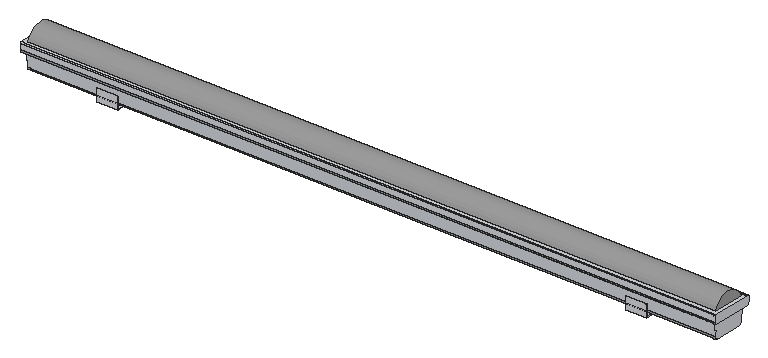
Revit family "0010256", category Lighting Fixtures, host Face, Revit 2018
Family settings
  Host = Face
  Round Connector Dimension = Use Diameter
  Part Type = Normal
  OmniClass Number = 23.80.70.00
  OmniClass Title = Lighting
  Cut with Voids When Loaded = No
  Light Source = Yes
  Shared = No
  Room Calculation Point = No
Parameters (values of type "0010256 RESISTO 1500 IP66 MW 7100LM 840")
  Weight = "2.0 kg"
  Wattage Comments = ""
  Wattage = 52 W
  WarrantyStartDate [instance] = "n/a"
  WarrantyGuarantorParts = "n/a"
  WarrantyDurationUnit = "n/a"
  WarrantyDurationParts = "n/a"
  WarrantyDescription = "n/a"
  WIDTH_SYL = 44.5 mm
  built-in parameter 1150110 = 1 (stored number, unit not read)
  Voltage = 0 V
  URL = "http://www.sylvania-lighting.com"
  TypeName = "Resisto  1500 IP66 MW 7100lm 840"
  Type Image = <None>
  Type Comments = "n/a"
  built-in parameter 1114217 = 1 (stored number, unit not read)
  Tilt Angle = -90.00°
  built-in parameter 1150109 = 1 (stored number, unit not read)
  built-in parameter 1150134 = 12
  TOP_WIDTH_SYL = 33.5 mm
  built-in parameter 1150113 = 1 (stored number, unit not read)
  SerialNumber [instance] = "n/a"
  Photometric Web File = "0010256.IES"
  Material_3_SYL = none
  PowerFactor = 0.95
  PowerConsumption = "52 W"
  NominalLength = 1500 mm
  NominalHeight = 80 mm
  NominalDepth = 87 mm
  Name = "Resisto  1500 IP66 MW 7100lm 840"
  ModelReference = Name  # "Resisto  1500 IP66 MW 7100lm 840"
  ModelNumber = "0010256"
  Model = Name  # "Resisto  1500 IP66 MW 7100lm 840"
  Material = "pc polycarbonate housing, pc polycarbonate diffuser"
  ManufacturerName = "Feilo Sylvania"
  Manufacturer = "Feilo Sylvania"
  MID_WIDTH_SYL = 36 mm
  LuminousEfficacy = "137 lm/W"
  built-in parameter 1150105 = 2375.5 (stored number, unit not read)
  Lumens = 7124 lm
  LuminaireType = ""
  built-in parameter 1150115 = 1 (stored number, unit not read)
  LightOutputRatio = "n/a"
  built-in parameter 1150137 = (empty or 0)
  built-in parameter 1150139 = (empty or 0)
  LampsType = Lamp  # "LED"
  LampNominalLuminous = "7100 lm"
  LampMacAdamStep = "5"
  LampColourTemperature = "4000 K"
  LampColourRenderingIndex = "80"
  built-in parameter 1150112 = 1 (stored number, unit not read)
  built-in parameter 1150114 = 1 (stored number, unit not read)
  Lamp = "LED"
  LENGHT_SYL = if(L1500_SYL, 742 mm, if(L1200_SYL, 592 mm, 317 mm))  # 742 mm
  LENGHT_CHAMFER_SYL = if(L1500_SYL, 750 mm, if(L1200_SYL, 600 mm, 325 mm))  # 750 mm
  LENGHT_650_SYL = 325 mm
  LENGHT-_SYL = if(L1500_SYL, -742 mm, if(L1200_SYL, -592 mm, -317 mm))  # -742 mm
  LENGHT-_CHAMFER_SYL = if(L1500_SYL, -750 mm, if(L1200_SYL, -600 mm, -325 mm))  # -750 mm
  LEGHT_650-_SYL = -325 mm
  LEGHT_1500_SYL = 750 mm
  LEGHT_1500-_SYL = -750 mm
  LEGHT_1200_SYL = 600 mm
  LEGHT_1200-_SYL = -600 mm
  L0650_SYL = no
  L1500_SYL = yes
  L1200_SYL = no
  Keynote = "16500"
  InstallationDate [instance] = "n/a"
  InputVoltage = "n/a"
  InputNominalFrequency = "n/a"
  built-in parameter 1150132 = (empty or 0)
  built-in parameter 1150102 = (empty or 0)
  built-in parameter 1150107 = 4000 (stored number, unit not read)
  built-in parameter 1150138 = (empty or 0)
  IngressProtection = "IP66"
  ImpactProtectionIndex = "IK08"
  built-in parameter 1150106 = 23.755 (stored number, unit not read)
  IfcExportType = "IfcLightFixtureType"
  IfcExportAs = "IfcLightFixtureType"
  Emit from Circle Diameter = 609.6 mm
  Emit Shape Visible in Rendering = no
  ElectricShockClassification = "Class I"
  built-in parameter 1150104 = 12.728 (stored number, unit not read)
  DocumentationLiterature = "http://www.sylvania-lighting.com/product/en-int/products/0010256"
  DimmingControlOptions = "n/a"
  Material_2_SYL = none
  Dimming Lamp Color Temperature Shift = <None>
  Description = "Resisto, integrated LED weatherproof luminaire, with UV stabilized flat diffuser designed to achieve uniform lit appearance, optimise light output and to reduce glare. 301 stainless steel diffuser clips and fixing brackets for surface mounting. Polycarbonate housing and diffuser - no yellow discolouration over time. 7100lm; 52W; 137lm/W; 4000K; SDCM<5; non dimmable; CRI80; IP66; IK08; Class I; 69,000hrs (L80B20) lifespan; 1500mm x 89mm x 88mm; D-mark; MW On/Off."
  Default Elevation = 1219.2 mm
  DIF_WIDHT_SYL = 35 mm
  DIF_HEIGHT_SYL = 24 mm
  CreatedOn = "3/10/2021"
  CreatedBy = "@sylvania-lighting.com"
  Cost = 0
  Color Filter = 16777215
  built-in parameter 1114216 [instance] = (empty or 0)
  ClassificationValue = "EF_70_80"
  ClassificationName = "Uniclass2015"
  Material_1_SYL = Default
  CHAMFER_SYL = 19 mm
  BarCode [instance] = "n/a"
  built-in parameter 1114218 = 1 (stored number, unit not read)
  BRACKET_WIDTH_SYL = BRACKET_DIST_SYL - 44 mm  # 550 mm
  BRACKET_HEIGHT_SYL = 9 mm
  BRACKET_DIST_SYL = LENGHT_CHAMFER_SYL - 156 mm  # 594 mm
  BODY_SYL = 36 mm
  built-in parameter 1150133 = 10 (stored number, unit not read)
  AssetType = "Fixed"
  AssetIdentifier [instance] = "n/a"
  Assembly Code = "D5020200"
  Apparent Load = 52 VA
  Material_4_SYL = none
Reference planes
  plane 1 "Center (Front/Back)": y = 0
  plane 2: z = 0
  plane 3 "Center (Left/Right)": x = 0
  plane 4: z = 9
  plane 5: z = 45
  plane 6: z = 64
  plane 7: z = 88
  plane 8: y = -44.5
  plane 9: y = 44.5
  plane 10: y = -35
  plane 11: y = 35
  plane 12: y = 33.5
  plane 13: y = -33.5
  plane 14: y = -36
  plane 15: y = 36
  plane 16: z = 1
Forms (mm)
  Extrusion 1, solid
    sketch origin (319, 1524, 1219.2) x (0, 1, 0) y (0, 0, 1)
      loop
        line (-1552.835, -1210.2) -> (-1495.165, -1210.2)
        arc (-1495.165, -1210.2) -> (-1491.754, -1208.856) -> (-1490.177, -1205.546) r 5
        line (-1490.177, -1205.546) -> (-1488.323, -1178.854) -> (-1488, -1174.2) -> (-1560, -1174.2) -> (-1559.677, -1178.854) -> (-1557.823, -1205.546)
        arc (-1557.823, -1205.546) -> (-1556.246, -1208.856) -> (-1552.835, -1210.2) r 5
    from -742 <- "LENGHT-_SYL" to 742 <- "LENGHT_SYL"
  Extrusion 2, solid, material "Default" <- "Material_1_SYL"
    sketch origin (319, 1524, 1219.2) x (0, 1, 0) y (0, 0, 1)
      loop
        arc (-1490.5, -1155.2) -> (-1524, -1131.2) -> (-1557.5, -1155.2) r 35.38
        line (-1557.5, -1155.2) -> (-1490.5, -1155.2)
    from -742 <- "LENGHT-_SYL" to 742 <- "LENGHT_SYL"
  Extrusion 3, solid
    sketch origin (319, 1524, 1219.2) x (0, 1, 0) y (0, 0, 1)
      loop
        line (-1481.5, -1155.2) -> (-1566.5, -1155.2)
        arc (-1566.5, -1155.2) -> (-1567.914, -1155.786) -> (-1568.5, -1157.2) r 2
        line (-1568.5, -1157.2) -> (-1568.5, -1169.2)
        arc (-1568.5, -1169.2) -> (-1567.036, -1172.736) -> (-1563.5, -1174.2) r 5
        line (-1563.5, -1174.2) -> (-1484.5, -1174.2)
        arc (-1484.5, -1174.2) -> (-1480.964, -1172.736) -> (-1479.5, -1169.2) r 5
        line (-1479.5, -1169.2) -> (-1479.5, -1157.2)
        arc (-1479.5, -1157.2) -> (-1480.086, -1155.786) -> (-1481.5, -1155.2) r 2
    from -750 <- "LENGHT-_CHAMFER_SYL" to 750 <- "LENGHT_CHAMFER_SYL"
  Extrusion 4, solid
    sketch origin (319, 1524, 1219.2) x (0, 1, 0) y (0, 0, 1)
      loop
        line (-1489, -1219.2) -> (-1489, -1192.216) -> (-1490.5, -1192.216) -> (-1490.5, -1218.2) -> (-1557.5, -1218.2) -> (-1557.5, -1192.172) -> (-1559, -1192.172) -> (-1559, -1219.2) -> (-1489, -1219.2)
    from 550 <- "BRACKET_WIDTH_SYL" to 594 <- "BRACKET_DIST_SYL"
  Extrusion 5, solid
    sketch origin (321, 1524, 1219.2) x (0, 1, 0) y (0, 0, -1)
      loop
        line (-1489, 1219.2) -> (-1559, 1219.2) -> (-1559, 1192.172) -> (-1557.5, 1192.172) -> (-1557.5, 1218.2) -> (-1490.5, 1218.2) -> (-1490.5, 1192.216) -> (-1489, 1192.216) -> (-1489, 1219.2)
    from 550 <- "BRACKET_WIDTH_SYL" to 594 <- "BRACKET_DIST_SYL"
Dimensions and locks
  "BRACKET_HEIGHT_SYL": plane 4 to host face
  "BODY_SYL": plane 4 to plane 5
  "CHAMFER_SYL": plane 5 to plane 6
  "DIF_HEIGHT_SYL": plane 6 to plane 7
  "WIDTH_SYL": plane 9 to plane 1 "Center (Front/Back)" to plane 8
  "DIF_WIDHT_SYL": plane 11 to plane 1 "Center (Front/Back)" to plane 10
  "TOP_WIDTH_SYL": plane 12 to plane 1 "Center (Front/Back)" to plane 13
  "MID_WIDTH_SYL": plane 15 to plane 1 "Center (Front/Back)" to plane 14
  aligned and locked: plane 2 to host face
  aligned and locked: level to host face
  aligned and locked: Extrusion 3 sketch curve to plane 6
  aligned and locked: Extrusion 3 sketch curve to plane 9
  aligned and locked: plane 5 to Extrusion 3 sketch curve
  aligned and locked: plane 8 to Extrusion 3 sketch curve
Automatic sketch dimensions
  host sketch curve to host sketch curve = 2438.4 mm  (x2)
  plane 5 to Extrusion 1 sketch curve = 0 mm
  Extrusion 1 sketch curve to plane 14 = 0 mm
  plane 4 to Extrusion 1 sketch curve = 0 mm
  Extrusion 1 sketch curve to plane 15 = 0 mm
  Extrusion 1 sketch curve to plane 14 = 0.323 mm
  plane 13 to Extrusion 1 sketch curve = 0.323 mm
  Extrusion 1 sketch curve to plane 13 = 4.665 mm
  plane 12 to Extrusion 1 sketch curve = 4.665 mm
  Extrusion 1 sketch curve to plane 12 = 0.323 mm
  plane 15 to Extrusion 1 sketch curve = 0.323 mm
  Extrusion 1 sketch curve to plane 4 = 4.654 mm  (x2)
  plane 5 to Extrusion 1 sketch curve = 4.654 mm  (x2)
  plane 6 to Extrusion 2 sketch curve = 0 mm
  Extrusion 2 sketch curve to plane 13 = 0 mm
  Extrusion 2 sketch curve to plane 1 "Center (Front/Back)" = 0 mm
  Extrusion 2 sketch curve to plane 5 = 7.62 mm
  Extrusion 3 sketch curve to plane 8 = 2 mm
  plane 14 to Extrusion 3 sketch curve = 3.5 mm
  Extrusion 3 sketch curve to plane 15 = 3.5 mm
  plane 6 to Extrusion 3 sketch curve = 2 mm
  Extrusion 4 sketch curve to level = 0 mm
  Extrusion 4 sketch curve to plane 10 = 0 mm
  Extrusion 4 sketch curve to plane 13 = 0 mm
  Extrusion 4 sketch curve to plane 12 = 0 mm
  Extrusion 4 sketch curve to plane 11 = 0 mm
  plane 16 to Extrusion 4 sketch curve = 0 mm
  Extrusion 4 sketch curve to plane 4 = 17.984 mm
  plane 5 to Extrusion 4 sketch curve = 17.972 mm
  Extrusion 5 sketch curve to level = 0 mm
  Extrusion 5 sketch curve to plane 10 = 0 mm
  Extrusion 5 sketch curve to plane 13 = 0 mm
  Extrusion 5 sketch curve to plane 12 = 0 mm
  Extrusion 5 sketch curve to plane 11 = 0 mm
  plane 16 to Extrusion 5 sketch curve = 0 mm
  Extrusion 5 sketch curve to plane 4 = 17.984 mm
  plane 5 to Extrusion 5 sketch curve = 17.972 mm
Connectors
  electrical at (-423, 0, 27)
    settings: on Extrusion 1, index 1, voltage 0 V, apparent load 0 VA, apparent load phase1 0 VA, apparent load phase2 0 VA, apparent load phase3 0 VA, power factor 1, load classification "Other", number of poles 1, system type 31, power factor state 1, is connector primary yes, connector utility no, sub classification motor no, connector description ""
Types (60, lengths in mm): name | Weight | Wattage | TypeName | built-in parameter 1150134 | Photometric Web File | PowerFactor | PowerConsumption | NominalLength | Name | ModelReference | ModelNumber | Model | LuminousEfficacy | built-in parameter 1150105 | Lumens | LampNominalLuminous | LampMacAdamStep | LampColourTemperature | LENGHT_SYL | LENGHT_CHAMFER_SYL | LENGHT-_SYL | LENGHT-_CHAMFER_SYL | L0650_SYL | L1500_SYL | L1200_SYL | built-in parameter 1150107 | built-in parameter 1150106 | built-in parameter 1150104 | DocumentationLiterature | Description | BRACKET_WIDTH_SYL | BRACKET_DIST_SYL | Apparent Load
  0010278 RESISTO 1500 HE IP66 8300LM 840 | "1.95 kg" | 54 W | "Resisto 1500 HE IP66 8300lm 840" | 12 | "0010278.ies" | 0.95 | "54 W" | 1500 | "Resisto 1500 HE IP66 8300lm 840" | "Resisto 1500 HE IP66 8300lm 840" | "0010278" | "Resisto 1500 HE IP66 8300lm 840" | "154 lm/W" | 2674.3 (stored number, unit not read) | 8316 lm | "8300 lm" | "3" | "4000 K" | 742 | 750 | -742 | -750 | no | yes | no | 4000 (stored number, unit not read) | 26.743 (stored number, unit not read) | 14.307 (stored number, unit not read) | "http://www.sylvania-lighting.com/product/en-int/products/0010278" | "Resisto, integrated LED weatherproof luminaire, with UV stabilized flat diffuser designed to achieve uniform lit appearance, optimise light output and to reduce glare. 301 stainless steel diffuser clips and fixing brackets for surface mounting. Polycarbonate housing and diffuser - no yellow discolouration over time. 8300lm; 54W; 154lm/W; 4000K; SDCM<3; non dimmable; CRI80; IP66; IK08; Class I; 69,000hrs (L80B20) lifespan; 1500mm x 89mm x 88mm; D-mark." | 550 | 594 | 54 VA
  0010274 RESISTO 1500 HE IP66 DALI 7100LM 840 | "2.01 kg" | 46 W | "Resisto 1500 HE IP66 DALI 7100lm 840" | 12 | "0010274.ies" | 0.98 | "46 W" | 1500 | "Resisto 1500 HE IP66 DALI 7100lm 840" | "Resisto 1500 HE IP66 DALI 7100lm 840" | "0010274" | "Resisto 1500 HE IP66 DALI 7100lm 840" | "154 lm/W" | 2362.2 (stored number, unit not read) | 7084 lm | "7100 lm" | "3" | "4000 K" | 742 | 750 | -742 | -750 | no | yes | no | 4000 (stored number, unit not read) | 23.622 (stored number, unit not read) | 14.307 (stored number, unit not read) | "http://www.sylvania-lighting.com/product/en-int/products/0010274" | "Resisto, integrated LED weatherproof luminaire, with UV stabilized flat diffuser designed to achieve uniform lit appearance, optimise light output and to reduce glare. 301 stainless steel diffuser clips and fixing brackets for surface mounting. Polycarbonate housing and diffuser - no yellow discolouration over time. 7100lm; 46W; 154lm/W; 4000K; SDCM<3; DALI dimmable; CRI80; IP66; IK08; Class I; 69,000hrs (L80B20) lifespan; 1500mm x 89mm x 88mm; D-mark." | 550 | 594 | 46 VA
  0010273 RESISTO 1500 HE IP66 DALI 4000LM 840 | "1.95 kg" | 25 W | "Resisto 1500 HE IP66 DALI 4000lm 840" | 12 | "0010273.ies" | 0.98 | "25 W" | 1500 | "Resisto 1500 HE IP66 DALI 4000lm 840" | "Resisto 1500 HE IP66 DALI 4000lm 840" | "0010273" | "Resisto 1500 HE IP66 DALI 4000lm 840" | "160 lm/W" | 1286.3 (stored number, unit not read) | 4000 lm | "4000 lm" | "3" | "4000 K" | 742 | 750 | -742 | -750 | no | yes | no | 4000 (stored number, unit not read) | 12.863 (stored number, unit not read) | 14.864 (stored number, unit not read) | "http://www.sylvania-lighting.com/product/en-int/products/0010273" | "Resisto, integrated LED weatherproof luminaire, with UV stabilized flat diffuser designed to achieve uniform lit appearance, optimise light output and to reduce glare. 301 stainless steel diffuser clips and fixing brackets for surface mounting. Polycarbonate housing and diffuser - no yellow discolouration over time. 4000lm; 25W; 160lm/W; 4000K; SDCM<3; DALI dimmable; CRI80; IP66; IK08; Class I; 69,000hrs (L80B20) lifespan; 1500mm x 89mm x 88mm; D-mark." | 550 | 594 | 25 VA
  0010272 RESISTO 1500 HE IP66 7100LM 840 EM | "2.58 kg" | 50 W | "Resisto 1500 HE IP66 7100lm 840 EM" | 12 | "0010272.ies" | 0.95 | "50 W" | 1500 | "Resisto 1500 HE IP66 7100lm 840 EM" | "Resisto 1500 HE IP66 7100lm 840 EM" | "0010272" | "Resisto 1500 HE IP66 7100lm 840 EM" | "142 lm/W" | 2367.5 (stored number, unit not read) | 7100 lm | "7100 lm" | "3" | "4000 K" | 742 | 750 | -742 | -750 | no | yes | no | 4000 (stored number, unit not read) | 23.675 (stored number, unit not read) | 13.192 (stored number, unit not read) | "http://www.sylvania-lighting.com/product/en-int/products/0010272" | "Resisto, integrated LED weatherproof luminaire, with UV stabilized flat diffuser designed to achieve uniform lit appearance, optimise light output and to reduce glare. 301 stainless steel diffuser clips and fixing brackets for surface mounting. Polycarbonate housing and diffuser - no yellow discolouration over time. 7100lm; 50W; 142lm/W; 4000K; SDCM<3; non dimmable; CRI80; IP66; IK08; Class I; 69,000hrs (L80B20) lifespan; 1500mm x 89mm x 88mm; D-mark; 3-hour maintained emergency batteries." | 550 | 594 | 50 VA
  0010271 RESISTO 1500 HE IP66 4000LM 840 EM | "2.51 kg" | 29 W | "Resisto 1500 HE IP66 4000lm 840 EM" | 12 | "0010271.ies" | 0.95 | "29 W" | 1500 | "Resisto 1500 HE IP66 4000lm 840 EM" | "Resisto 1500 HE IP66 4000lm 840 EM" | "0010271" | "Resisto 1500 HE IP66 4000lm 840 EM" | "138 lm/W" | 1287 (stored number, unit not read) | 4002 lm | "4000 lm" | "3" | "4000 K" | 742 | 750 | -742 | -750 | no | yes | no | 4000 (stored number, unit not read) | 12.87 (stored number, unit not read) | 12.821 (stored number, unit not read) | "http://www.sylvania-lighting.com/product/en-int/products/0010271" | "Resisto, integrated LED weatherproof luminaire, with UV stabilized flat diffuser designed to achieve uniform lit appearance, optimise light output and to reduce glare. 301 stainless steel diffuser clips and fixing brackets for surface mounting. Polycarbonate housing and diffuser - no yellow discolouration over time. 4000lm; 29W; 138lm/W; 4000K; SDCM<3; non dimmable; CRI80; IP66; IK08; Class I; 69,000hrs (L80B20) lifespan; 1500mm x 89mm x 88mm; D-mark; 3-hour maintained emergency batteries." | 550 | 594 | 29 VA
  0010269 RESISTO 1500 HE IP66 7100LM 840 | "1.95 kg" | 46 W | "Resisto  1500 HE IP66 7100lm 840" | 12 | "0010269.ies" | 0.95 | "46 W" | 1500 | "Resisto  1500 HE IP66 7100lm 840" | "Resisto  1500 HE IP66 7100lm 840" | "0010269" | "Resisto  1500 HE IP66 7100lm 840" | "154 lm/W" | 2362.2 (stored number, unit not read) | 7084 lm | "7100 lm" | "3" | "4000 K" | 742 | 750 | -742 | -750 | no | yes | no | 4000 (stored number, unit not read) | 23.622 (stored number, unit not read) | 14.307 (stored number, unit not read) | "http://www.sylvania-lighting.com/product/en-int/products/0010269" | "Resisto, integrated LED weatherproof luminaire, with UV stabilized flat diffuser designed to achieve uniform lit appearance, optimise light output and to reduce glare. 301 stainless steel diffuser clips and fixing brackets for surface mounting. Polycarbonate housing and diffuser - no yellow discolouration over time. 7100lm; 46W; 154lm/W; 4000K; SDCM<3; non dimmable; CRI80; IP66; IK08; Class I; 69,000hrs (L80B20) lifespan; 1500mm x 89mm x 88mm; D-mark." | 550 | 594 | 46 VA
  0010268 RESISTO 1500 HE IP66 4000LM 840 | "1.87 kg" | 25 W | "Resisto  1500 HE IP66 4000lm 840" | 12 | "0010268.ies" | 0.95 | "25 W" | 1500 | "Resisto  1500 HE IP66 4000lm 840" | "Resisto  1500 HE IP66 4000lm 840" | "0010268" | "Resisto  1500 HE IP66 4000lm 840" | "160 lm/W" | 1286.3 (stored number, unit not read) | 4000 lm | "4000 lm" | "3" | "4000 K" | 742 | 750 | -742 | -750 | no | yes | no | 4000 (stored number, unit not read) | 12.863 (stored number, unit not read) | 14.864 (stored number, unit not read) | "http://www.sylvania-lighting.com/product/en-int/products/0010268" | "Resisto, integrated LED weatherproof luminaire, with UV stabilized flat diffuser designed to achieve uniform lit appearance, optimise light output and to reduce glare. 301 stainless steel diffuser clips and fixing brackets for surface mounting. Polycarbonate housing and diffuser - no yellow discolouration over time. 4000lm; 25W; 160lm/W; 4000K; SDCM<3; non dimmable; CRI80; IP66; IK08; Class I; 69,000hrs (L80B20) lifespan; 1500mm x 89mm x 88mm; D-mark." | 550 | 594 | 25 VA
  0010261 RESISTO 1500 IP66 DALI 8300LM 840 | "2.01 kg" | 61 W | "Resisto  1500 IP66 DALI 8300lm 840" | 12 | "0010261.ies" | 0.99 | "61 W" | 1500 | "Resisto  1500 IP66 DALI 8300lm 840" | "Resisto  1500 IP66 DALI 8300lm 840" | "0010261" | "Resisto  1500 IP66 DALI 8300lm 840" | "136 lm/W" | 2792.8 (stored number, unit not read) | 8296 lm | "8300 lm" | "5" | "4000 K" | 742 | 750 | -742 | -750 | no | yes | no | 4000 (stored number, unit not read) | 27.928 (stored number, unit not read) | 12.635 (stored number, unit not read) | "http://www.sylvania-lighting.com/product/en-int/products/0010261" | "Resisto, integrated LED weatherproof luminaire, with UV stabilized flat diffuser designed to achieve uniform lit appearance, optimise light output and to reduce glare. 301 stainless steel diffuser clips and fixing brackets for surface mounting. Polycarbonate housing and diffuser - no yellow discolouration over time. 8300lm; 61W; 136lm/W; 4000K; SDCM<5; DALI dimmable; CRI80; IP66; IK08; Class I; 69,000hrs (L80B20) lifespan; 1500mm x 89mm x 88mm; D-mark." | 550 | 594 | 61 VA
  0010260 RESISTO 1500 IP66 DALI 7100LM 840 | "2.01 kg" | 52 W | "Resisto  1500 IP66 DALI 7100lm 840" | 12 | "0010260.ies" | 0.99 | "52 W" | 1500 | "Resisto  1500 IP66 DALI 7100lm 840" | "Resisto  1500 IP66 DALI 7100lm 840" | "0010260" | "Resisto  1500 IP66 DALI 7100lm 840" | "137 lm/W" | 2375.5 (stored number, unit not read) | 7124 lm | "7100 lm" | "5" | "4000 K" | 742 | 750 | -742 | -750 | no | yes | no | 4000 (stored number, unit not read) | 23.755 (stored number, unit not read) | 12.728 (stored number, unit not read) | "http://www.sylvania-lighting.com/product/en-int/products/0010260" | "Resisto, integrated LED weatherproof luminaire, with UV stabilized flat diffuser designed to achieve uniform lit appearance, optimise light output and to reduce glare. 301 stainless steel diffuser clips and fixing brackets for surface mounting. Polycarbonate housing and diffuser - no yellow discolouration over time. 7100lm; 52W; 137lm/W; 4000K; SDCM<5; DALI dimmable; CRI80; IP66; IK08; Class I; 69,000hrs (L80B20) lifespan; 1500mm x 89mm x 88mm; D-mark." | 550 | 594 | 52 VA
  0010259 RESISTO 1500 IP66 DALI 4000LM 840 | "1.95 kg" | 30 W | "Resisto  1500 IP66 DALI 4000lm 840" | 12 | "0010259.ies" | 0.98 | "30 W" | 1500 | "Resisto  1500 IP66 DALI 4000lm 840" | "Resisto  1500 IP66 DALI 4000lm 840" | "0010259" | "Resisto  1500 IP66 DALI 4000lm 840" | "133 lm/W" | 1283.1 (stored number, unit not read) | 3990 lm | "4000 lm" | "5" | "4000 K" | 742 | 750 | -742 | -750 | no | yes | no | 4000 (stored number, unit not read) | 12.831 (stored number, unit not read) | 12.356 (stored number, unit not read) | "http://www.sylvania-lighting.com/product/en-int/products/0010259" | "Resisto, integrated LED weatherproof luminaire, with UV stabilized flat diffuser designed to achieve uniform lit appearance, optimise light output and to reduce glare. 301 stainless steel diffuser clips and fixing brackets for surface mounting. Polycarbonate housing and diffuser - no yellow discolouration over time. 4000lm; 30W; 133lm/W; 4000K; SDCM<5; DALI dimmable; CRI80; IP66; IK08; Class I; 69,000hrs (L80B20) lifespan; 1500mm x 89mm x 88mm; D-mark." | 550 | 594 | 30 VA
  0010258 RESISTO 1500 IP66 MWCOR 7100LM 840 | "2.06 kg" | 52 W | "Resisto  1500 IP66 MWcor 7100lm 840" | 12 | "0010258.ies" | 0.99 | "52 W" | 1500 | "Resisto  1500 IP66 MWcor 7100lm 840" | "Resisto  1500 IP66 MWcor 7100lm 840" | "0010258" | "Resisto  1500 IP66 MWcor 7100lm 840" | "137 lm/W" | 2375.5 (stored number, unit not read) | 7124 lm | "7100 lm" | "5" | "4000 K" | 742 | 750 | -742 | -750 | no | yes | no | 4000 (stored number, unit not read) | 23.755 (stored number, unit not read) | 12.728 (stored number, unit not read) | "http://www.sylvania-lighting.com/product/en-int/products/0010258" | "Resisto, integrated LED weatherproof luminaire, with UV stabilized flat diffuser designed to achieve uniform lit appearance, optimise light output and to reduce glare. 301 stainless steel diffuser clips and fixing brackets for surface mounting. Polycarbonate housing and diffuser - no yellow discolouration over time. 7100lm; 52W; 137lm/W; 4000K; SDCM<5; non dimmable; CRI80; IP66; IK08; Class I; 69,000hrs (L80B20) lifespan; 1500mm x 89mm x 88mm; D-mark; corridor function with microwave presence sensor." | 550 | 594 | 52 VA
  0010257 RESISTO 1500 IP66 MWCOR 4000LM 840 | "2.0 kg" | 30 W | "Resisto  1500 IP66 MWcor 4000lm 840" | 12 | "0010257.ies" | 0.98 | "30 W" | 1500 | "Resisto  1500 IP66 MWcor 4000lm 840" | "Resisto  1500 IP66 MWcor 4000lm 840" | "0010257" | "Resisto  1500 IP66 MWcor 4000lm 840" | "133 lm/W" | 1283.1 (stored number, unit not read) | 3990 lm | "4000 lm" | "5" | "4000 K" | 742 | 750 | -742 | -750 | no | yes | no | 4000 (stored number, unit not read) | 12.831 (stored number, unit not read) | 12.356 (stored number, unit not read) | "http://www.sylvania-lighting.com/product/en-int/products/0010257" | "Resisto, integrated LED weatherproof luminaire, with UV stabilized flat diffuser designed to achieve uniform lit appearance, optimise light output and to reduce glare. 301 stainless steel diffuser clips and fixing brackets for surface mounting. Polycarbonate housing and diffuser - no yellow discolouration over time. 4000lm; 30W; 133lm/W; 4000K; SDCM<5; non dimmable; CRI80; IP66; IK08; Class I; 69,000hrs (L80B20) lifespan; 1500mm x 89mm x 88mm; D-mark; corridor function with microwave presence sensor." | 550 | 594 | 30 VA
  0010256 RESISTO 1500 IP66 MW 7100LM 840 | "2.0 kg" | 52 W | "Resisto  1500 IP66 MW 7100lm 840" | 12 | "0010256.IES" | 0.95 | "52 W" | 1500 | "Resisto  1500 IP66 MW 7100lm 840" | "Resisto  1500 IP66 MW 7100lm 840" | "0010256" | "Resisto  1500 IP66 MW 7100lm 840" | "137 lm/W" | 2375.5 (stored number, unit not read) | 7124 lm | "7100 lm" | "5" | "4000 K" | 742 | 750 | -742 | -750 | no | yes | no | 4000 (stored number, unit not read) | 23.755 (stored number, unit not read) | 12.728 (stored number, unit not read) | "http://www.sylvania-lighting.com/product/en-int/products/0010256" | "Resisto, integrated LED weatherproof luminaire, with UV stabilized flat diffuser designed to achieve uniform lit appearance, optimise light output and to reduce glare. 301 stainless steel diffuser clips and fixing brackets for surface mounting. Polycarbonate housing and diffuser - no yellow discolouration over time. 7100lm; 52W; 137lm/W; 4000K; SDCM<5; non dimmable; CRI80; IP66; IK08; Class I; 69,000hrs (L80B20) lifespan; 1500mm x 89mm x 88mm; D-mark; MW On/Off." | 550 | 594 | 52 VA
  0010255 RESISTO 1500 IP66 MW 4000LM 840 | "1.92 kg" | 30 W | "Resisto  1500 IP66 MW 4000lm 840" | 12 | "0010255.ies" | 0.95 | "30 W" | 1500 | "Resisto  1500 IP66 MW 4000lm 840" | "Resisto  1500 IP66 MW 4000lm 840" | "0010255" | "Resisto  1500 IP66 MW 4000lm 840" | "133 lm/W" | 1283.1 (stored number, unit not read) | 3990 lm | "4000 lm" | "5" | "4000 K" | 742 | 750 | -742 | -750 | no | yes | no | 4000 (stored number, unit not read) | 12.831 (stored number, unit not read) | 12.356 (stored number, unit not read) | "http://www.sylvania-lighting.com/product/en-int/products/0010255" | "Resisto, integrated LED weatherproof luminaire, with UV stabilized flat diffuser designed to achieve uniform lit appearance, optimise light output and to reduce glare. 301 stainless steel diffuser clips and fixing brackets for surface mounting. Polycarbonate housing and diffuser - no yellow discolouration over time. 4000lm; 30W; 133lm/W; 4000K; SDCM<5; non dimmable; CRI80; IP66; IK08; Class I; 69,000hrs (L80B20) lifespan; 1500mm x 89mm x 88mm; D-mark; MW On/Off." | 550 | 594 | 30 VA
  0010254 RESISTO 1500 IP66 7100LM 840 EM | "2.59 kg" | 56 W | "Resisto  1500 IP66 7100lm 840 EM" | 12 | "0010254.ies" | 0.95 | "56 W" | 1500 | "Resisto  1500 IP66 7100lm 840 EM" | "Resisto  1500 IP66 7100lm 840 EM" | "0010254" | "Resisto  1500 IP66 7100lm 840 EM" | "127 lm/W" | 2371.5 (stored number, unit not read) | 7112 lm | "7100 lm" | "5" | "4000 K" | 742 | 750 | -742 | -750 | no | yes | no | 4000 (stored number, unit not read) | 23.715 (stored number, unit not read) | 11.799 (stored number, unit not read) | "http://www.sylvania-lighting.com/product/en-int/products/0010254" | "Resisto, integrated LED weatherproof luminaire, with UV stabilized flat diffuser designed to achieve uniform lit appearance, optimise light output and to reduce glare. 301 stainless steel diffuser clips and fixing brackets for surface mounting. Polycarbonate housing and diffuser - no yellow discolouration over time. 7100lm; 56W; 127lm/W; 4000K; SDCM<5; non dimmable; CRI80; IP66; IK08; Class I; 69,000hrs (L80B20) lifespan; 1500mm x 89mm x 88mm; D-mark; 3-hour maintained emergency batteries." | 550 | 594 | 56 VA
  0010253 RESISTO 1500 IP66 4000LM 840 EM | "2.5 kg" | 34 W | "Resisto  1500 IP66 4000lm 840 EM" | 12 | "0010253.ies" | 0.95 | "34 W" | 1500 | "Resisto  1500 IP66 4000lm 840 EM" | "Resisto  1500 IP66 4000lm 840 EM" | "0010253" | "Resisto  1500 IP66 4000lm 840 EM" | "118 lm/W" | 1290.2 (stored number, unit not read) | 4012 lm | "4000 lm" | "5" | "4000 K" | 742 | 750 | -742 | -750 | no | yes | no | 4000 (stored number, unit not read) | 12.902 (stored number, unit not read) | 10.963 (stored number, unit not read) | "http://www.sylvania-lighting.com/product/en-int/products/0010253" | "Resisto, integrated LED weatherproof luminaire, with UV stabilized flat diffuser designed to achieve uniform lit appearance, optimise light output and to reduce glare. 301 stainless steel diffuser clips and fixing brackets for surface mounting. Polycarbonate housing and diffuser - no yellow discolouration over time. 4000lm; 34W; 118lm/W; 4000K; SDCM<5; non dimmable; CRI80; IP66; IK08; Class I; 69,000hrs (L80B20) lifespan; 1500mm x 89mm x 88mm; D-mark; 3-hour maintained emergency batteries." | 550 | 594 | 34 VA
  0010252 RESISTO 1500 IP66 7100LM 840 5XTH | "2.18 kg" | 52 W | "Resisto 1500 IP66 7100lm 840 5xTH" | 12 | "0010252.ies" | 0.95 | "52 W" | 1500 | "Resisto 1500 IP66 7100lm 840 5xTH" | "Resisto 1500 IP66 7100lm 840 5xTH" | "0010252" | "Resisto 1500 IP66 7100lm 840 5xTH" | "137 lm/W" | 2375.5 (stored number, unit not read) | 7124 lm | "7100 lm" | "5" | "4000 K" | 742 | 750 | -742 | -750 | no | yes | no | 4000 (stored number, unit not read) | 23.755 (stored number, unit not read) | 12.728 (stored number, unit not read) | "http://www.sylvania-lighting.com/product/en-int/products/0010252" | "Resisto, integrated LED weatherproof luminaire, with UV stabilized flat diffuser designed to achieve uniform lit appearance, optimise light output and to reduce glare. 301 stainless steel diffuser clips and fixing brackets for surface mounting. Polycarbonate housing and diffuser - no yellow discolouration over time. 7100lm; 52W; 137lm/W; 4000K; SDCM<5; non dimmable; CRI80; IP66; IK08; Class I; 69,000hrs (L80B20) lifespan; 1500mm x 89mm x 88mm; D-mark; through wiring." | 550 | 594 | 52 VA
  0010251 RESISTO 1500 IP66 4000LM 840 5XTH | "2.1 kg" | 30 W | "Resisto 1500 IP66 4000lm 840 5xTH" | 12 | "0010251.ies" | 0.95 | "30 W" | 1500 | "Resisto 1500 IP66 4000lm 840 5xTH" | "Resisto 1500 IP66 4000lm 840 5xTH" | "0010251" | "Resisto 1500 IP66 4000lm 840 5xTH" | "133 lm/W" | 1283.1 (stored number, unit not read) | 3990 lm | "4000 lm" | "5" | "4000 K" | 742 | 750 | -742 | -750 | no | yes | no | 4000 (stored number, unit not read) | 12.831 (stored number, unit not read) | 12.356 (stored number, unit not read) | "http://www.sylvania-lighting.com/product/en-int/products/0010251" | "Resisto, integrated LED weatherproof luminaire, with UV stabilized flat diffuser designed to achieve uniform lit appearance, optimise light output and to reduce glare. 301 stainless steel diffuser clips and fixing brackets for surface mounting. Polycarbonate housing and diffuser - no yellow discolouration over time. 4000lm; 30W; 133lm/W; 4000K; SDCM<5; non dimmable; CRI80; IP66; IK08; Class I; 69,000hrs (L80B20) lifespan; 1500mm x 89mm x 88mm; D-mark; through wiring." | 550 | 594 | 30 VA
  0010250 RESISTO 1500 IP66 7100LM 840 QC | "2.02 kg" | 52 W | "Resisto  1500 IP66 7100lm 840 QC" | 12 | "0010250.ies" | 0.95 | "52 W" | 1512 | "Resisto  1500 IP66 7100lm 840 QC" | "Resisto  1500 IP66 7100lm 840 QC" | "0010250" | "Resisto  1500 IP66 7100lm 840 QC" | "137 lm/W" | 2375.5 (stored number, unit not read) | 7124 lm | "7100 lm" | "5" | "4000 K" | 742 | 750 | -742 | -750 | no | yes | no | 4000 (stored number, unit not read) | 23.755 (stored number, unit not read) | 12.728 (stored number, unit not read) | "http://www.sylvania-lighting.com/product/en-int/products/0010250" | "Resisto, integrated LED weatherproof luminaire, with UV stabilized flat diffuser designed to achieve uniform lit appearance, optimise light output and to reduce glare. 301 stainless steel diffuser clips and fixing brackets for surface mounting. Polycarbonate housing and diffuser - no yellow discolouration over time. 7100lm; 52W; 137lm/W; 4000K; SDCM<5; non dimmable; CRI80; IP66; IK08; Class I; 69,000hrs (L80B20) lifespan; 1500mm x 89mm x 88mm; D-mark; assembled with quick connector." | 550 | 594 | 52 VA
  0010249 RESISTO 1500 IP66 4000LM 840 QC | "1.94 kg" | 30 W | "Resisto  1500 IP66 4000lm 840 QC" | 12 | "0010249.ies" | 0.95 | "30 W" | 1512 | "Resisto  1500 IP66 4000lm 840 QC" | "Resisto  1500 IP66 4000lm 840 QC" | "0010249" | "Resisto  1500 IP66 4000lm 840 QC" | "133 lm/W" | 1283.1 (stored number, unit not read) | 3990 lm | "4000 lm" | "5" | "4000 K" | 742 | 750 | -742 | -750 | no | yes | no | 4000 (stored number, unit not read) | 12.831 (stored number, unit not read) | 12.356 (stored number, unit not read) | "http://www.sylvania-lighting.com/product/en-int/products/0010249" | "Resisto, integrated LED weatherproof luminaire, with UV stabilized flat diffuser designed to achieve uniform lit appearance, optimise light output and to reduce glare. 301 stainless steel diffuser clips and fixing brackets for surface mounting. Polycarbonate housing and diffuser - no yellow discolouration over time. 4000lm; 30W; 133lm/W; 4000K; SDCM<5; non dimmable; CRI80; IP66; IK08; Class I; 69,000hrs (L80B20) lifespan; 1500mm x 89mm x 88mm; D-mark; assembled with quick connector." | 550 | 594 | 30 VA
  0010248 RESISTO 1500 IP66 8300LM 865 | "1.95 kg" | 61 W | "Resisto  1500 IP66 8300lm 865" | 1 | "0010248.ies" | 0.95 | "61 W" | 1500 | "Resisto  1500 IP66 8300lm 865" | "Resisto  1500 IP66 8300lm 865" | "0010248" | "Resisto  1500 IP66 8300lm 865" | "136 lm/W" | 2792.8 (stored number, unit not read) | 8296 lm | "8300 lm" | "5" | "6500 K" | 742 | 750 | -742 | -750 | no | yes | no | 6500 (stored number, unit not read) | 27.928 (stored number, unit not read) | 12.635 (stored number, unit not read) | "http://www.sylvania-lighting.com/product/en-int/products/0010248" | "Resisto, integrated LED weatherproof luminaire, with UV stabilized flat diffuser designed to achieve uniform lit appearance, optimise light output and to reduce glare. 301 stainless steel diffuser clips and fixing brackets for surface mounting. Polycarbonate housing and diffuser - no yellow discolouration over time. 8300lm; 61W; 136lm/W; 6500K; SDCM<5; non dimmable; CRI80; IP66; IK08; Class I; 69,000hrs (L80B20) lifespan; 1500mm x 89mm x 88mm; D-mark." | 550 | 594 | 61 VA
  0010247 RESISTO 1500 IP66 7100LM 865 | "1.95 kg" | 52 W | "Resisto  1500 IP66 7100lm 865" | 1 | "0010247.ies" | 0.95 | "52 W" | 1500 | "Resisto  1500 IP66 7100lm 865" | "Resisto  1500 IP66 7100lm 865" | "0010247" | "Resisto  1500 IP66 7100lm 865" | "137 lm/W" | 2375.5 (stored number, unit not read) | 7124 lm | "7100 lm" | "5" | "6500 K" | 742 | 750 | -742 | -750 | no | yes | no | 6500 (stored number, unit not read) | 23.755 (stored number, unit not read) | 12.728 (stored number, unit not read) | "http://www.sylvania-lighting.com/product/en-int/products/0010247" | "Resisto, integrated LED weatherproof luminaire, with UV stabilized flat diffuser designed to achieve uniform lit appearance, optimise light output and to reduce glare. 301 stainless steel diffuser clips and fixing brackets for surface mounting. Polycarbonate housing and diffuser - no yellow discolouration over time. 7100lm; 52W; 137lm/W; 6500K; SDCM<5; non dimmable; CRI80; IP66; IK08; Class I; 69,000hrs (L80B20) lifespan; 1500mm x 89mm x 88mm; D-mark." | 550 | 594 | 52 VA
  0010246 RESISTO 1500 IP66 4000LM 865 | "1.87 kg" | 30 W | "Resisto  1500 IP66 4000lm 865" | 1 | "0010246.ies" | 0.95 | "30 W" | 1500 | "Resisto  1500 IP66 4000lm 865" | "Resisto  1500 IP66 4000lm 865" | "0010246" | "Resisto  1500 IP66 4000lm 865" | "133 lm/W" | 1283.1 (stored number, unit not read) | 3990 lm | "4000 lm" | "5" | "6500 K" | 742 | 750 | -742 | -750 | no | yes | no | 6500 (stored number, unit not read) | 12.831 (stored number, unit not read) | 12.356 (stored number, unit not read) | "http://www.sylvania-lighting.com/product/en-int/products/0010246" | "Resisto, integrated LED weatherproof luminaire, with UV stabilized flat diffuser designed to achieve uniform lit appearance, optimise light output and to reduce glare. 301 stainless steel diffuser clips and fixing brackets for surface mounting. Polycarbonate housing and diffuser - no yellow discolouration over time. 4000lm; 30W; 133lm/W; 6500K; SDCM<5; non dimmable; CRI80; IP66; IK08; Class I; 69,000hrs (L80B20) lifespan; 1500mm x 89mm x 88mm; D-mark." | 550 | 594 | 30 VA
  0010245 RESISTO 1500 IP66 8300LM 840 | "15.48 kg" | 61 W | "Resisto  1500 IP66 8300lm 840" | 12 | "0010245.ies" | 0.95 | "61.0 W" | 1500 | "Resisto  1500 IP66 8300lm 840" | "Resisto  1500 IP66 8300lm 840" | "0010245" | "Resisto  1500 IP66 8300lm 840" | "136 lm/W" | -23179853.6 (stored number, unit not read) | 8296 lm | "8300 lm" | "5" | "4000 K" | 742 | 750 | -742 | -750 | no | yes | no | 4000 (stored number, unit not read) | -231798.5 (stored number, unit not read) | 12.635 (stored number, unit not read) | "http://www.sylvania-lighting.com/product/en-int/products/0010245" | "Resisto, integrated LED weatherproof luminaire, with UV stabilized flat diffuser designed to achieve uniform lit appearance, optimise light output and to reduce glare. 301 stainless steel diffuser clips and fixing brackets for surface mounting. Polycarbonate housing and diffuser - no yellow discolouration over time. 8300lm; 61W; 136lm/W; 4000K; SDCM<5; non dimmable; CRI80; IP66; IK08; Class I; 69,000hrs (L80B20) lifespan; 1500mm x 89mm x 88mm; D-mark." | 550 | 594 | 61 VA
  0010244 RESISTO 1500 IP66 7100LM 840 | "15.48 kg" | 52 W | "Resisto  1500 IP66 7100lm 840" | 12 | "0010244.ies" | 0.95 | "52.0 W" | 1500 | "Resisto  1500 IP66 7100lm 840" | "Resisto  1500 IP66 7100lm 840" | "0010244" | "Resisto  1500 IP66 7100lm 840" | "137 lm/W" | -16865856.3 (stored number, unit not read) | 7124 lm | "7100 lm" | "5" | "4000 K" | 742 | 750 | -742 | -750 | no | yes | no | 4000 (stored number, unit not read) | -168658.6 (stored number, unit not read) | 12.728 (stored number, unit not read) | "http://www.sylvania-lighting.com/product/en-int/products/0010244" | "Resisto, integrated LED weatherproof luminaire, with UV stabilized flat diffuser designed to achieve uniform lit appearance, optimise light output and to reduce glare. 301 stainless steel diffuser clips and fixing brackets for surface mounting. Polycarbonate housing and diffuser - no yellow discolouration over time. 7100lm; 52W; 137lm/W; 4000K; SDCM<5; non dimmable; CRI80; IP66; IK08; Class I; 69,000hrs (L80B20) lifespan; 1500mm x 89mm x 88mm; D-mark." | 550 | 594 | 52 VA
  0010243 RESISTO 1500 IP66 4000LM 840 | "1.87 kg" | 30 W | "Resisto  1500 IP66 4000lm 840" | 12 | "0010243.ies" | 0.95 | "30 W" | 1500 | "Resisto  1500 IP66 4000lm 840" | "Resisto  1500 IP66 4000lm 840" | "0010243" | "Resisto  1500 IP66 4000lm 840" | "133 lm/W" | 1283.1 (stored number, unit not read) | 3990 lm | "4000 lm" | "5" | "4000 K" | 742 | 750 | -742 | -750 | no | yes | no | 4000 (stored number, unit not read) | 12.831 (stored number, unit not read) | 12.356 (stored number, unit not read) | "http://www.sylvania-lighting.com/product/en-int/products/0010243" | "Resisto, integrated LED weatherproof luminaire, with UV stabilized flat diffuser designed to achieve uniform lit appearance, optimise light output and to reduce glare. 301 stainless steel diffuser clips and fixing brackets for surface mounting. Polycarbonate housing and diffuser - no yellow discolouration over time. 4000lm; 30W; 133lm/W; 4000K; SDCM<5; non dimmable; CRI80; IP66; IK08; Class I; 69,000hrs (L80B20) lifespan; 1500mm x 89mm x 88mm; D-mark." | 550 | 594 | 30 VA
  0010242 RESISTO 1500 IP66 8300LM 830 | "1.95 kg" | 61 W | "Resisto  1500 IP66 8300lm 830" | (empty or 0) | "0010242.ies" | 0.95 | "61 W" | 1500 | "Resisto  1500 IP66 8300lm 830" | "Resisto  1500 IP66 8300lm 830" | "0010242" | "Resisto  1500 IP66 8300lm 830" | "136 lm/W" | 2792.8 (stored number, unit not read) | 8296 lm | "8300 lm" | "5" | "3000 K" | 742 | 750 | -742 | -750 | no | yes | no | 3000 (stored number, unit not read) | 27.928 (stored number, unit not read) | 12.635 (stored number, unit not read) | "http://www.sylvania-lighting.com/product/en-int/products/0010242" | "Resisto, integrated LED weatherproof luminaire, with UV stabilized flat diffuser designed to achieve uniform lit appearance, optimise light output and to reduce glare. 301 stainless steel diffuser clips and fixing brackets for surface mounting. Polycarbonate housing and diffuser - no yellow discolouration over time. 8300lm; 61W; 136lm/W; 3000K; SDCM<5; non dimmable; CRI80; IP66; IK08; Class I; 69,000hrs (L80B20) lifespan; 1500mm x 89mm x 88mm; D-mark." | 550 | 594 | 61 VA
  0010241 RESISTO 1500 IP66 7100LM 830 | "1.95 kg" | 52 W | "Resisto  1500 IP66 7100lm 830" | (empty or 0) | "0010241.ies" | 0.95 | "52 W" | 1500 | "Resisto  1500 IP66 7100lm 830" | "Resisto  1500 IP66 7100lm 830" | "0010241" | "Resisto  1500 IP66 7100lm 830" | "137 lm/W" | 2375.5 (stored number, unit not read) | 7124 lm | "7100 lm" | "5" | "3000 K" | 742 | 750 | -742 | -750 | no | yes | no | 3000 (stored number, unit not read) | 23.755 (stored number, unit not read) | 12.728 (stored number, unit not read) | "http://www.sylvania-lighting.com/product/en-int/products/0010241" | "Resisto, integrated LED weatherproof luminaire, with UV stabilized flat diffuser designed to achieve uniform lit appearance, optimise light output and to reduce glare. 301 stainless steel diffuser clips and fixing brackets for surface mounting. Polycarbonate housing and diffuser - no yellow discolouration over time. 7100lm; 52W; 137lm/W; 3000K; SDCM<5; non dimmable; CRI80; IP66; IK08; Class I; 69,000hrs (L80B20) lifespan; 1500mm x 89mm x 88mm; D-mark." | 550 | 594 | 52 VA
  0010240 RESISTO 1500 IP66 4000LM 830 | "1.87 kg" | 30 W | "Resisto  1500 IP66 4000lm 830" | (empty or 0) | "0010240.ies" | 0.95 | "30 W" | 1500 | "Resisto  1500 IP66 4000lm 830" | "Resisto  1500 IP66 4000lm 830" | "0010240" | "Resisto  1500 IP66 4000lm 830" | "133 lm/W" | 1283.1 (stored number, unit not read) | 3990 lm | "4000 lm" | "5" | "3000 K" | 742 | 750 | -742 | -750 | no | yes | no | 3000 (stored number, unit not read) | 12.831 (stored number, unit not read) | 12.356 (stored number, unit not read) | "http://www.sylvania-lighting.com/product/en-int/products/0010240" | "Resisto, integrated LED weatherproof luminaire, with UV stabilized flat diffuser designed to achieve uniform lit appearance, optimise light output and to reduce glare. 301 stainless steel diffuser clips and fixing brackets for surface mounting. Polycarbonate housing and diffuser - no yellow discolouration over time. 4000lm; 30W; 133lm/W; 3000K; SDCM<5; non dimmable; CRI80; IP66; IK08; Class I; 69,000hrs (L80B20) lifespan; 1500mm x 89mm x 88mm; D-mark." | 550 | 594 | 30 VA
  0010237 RESISTO 1200 HE IP66 DALI 4800LM 840 | "1.59 kg" | 31 W | "Resisto  1200 HE IP66 DALI 4800lm 840" | 12 | "0010237.ies" | 0.98 | "31 W" | 1200 | "Resisto  1200 HE IP66 DALI 4800lm 840" | "Resisto  1200 HE IP66 DALI 4800lm 840" | "0010237" | "Resisto  1200 HE IP66 DALI 4800lm 840" | "155 lm/W" | 1587 (stored number, unit not read) | 4805 lm | "4800 lm" | "3" | "4000 K" | 592 | 600 | -592 | -600 | no | no | yes | 4000 (stored number, unit not read) | 15.87 (stored number, unit not read) | 14.4 (stored number, unit not read) | "http://www.sylvania-lighting.com/product/en-int/products/0010237" | "Resisto, integrated LED weatherproof luminaire, with UV stabilized flat diffuser designed to achieve uniform lit appearance, optimise light output and to reduce glare. 301 stainless steel diffuser clips and fixing brackets for surface mounting. Polycarbonate housing and diffuser - no yellow discolouration over time. 4800lm; 31W; 155lm/W; 4000K; SDCM<3; DALI dimmable; CRI80; IP66; IK08; Class I; 69,000hrs (L80B20) lifespan; 1200mm x 89mm x 88mm; D-mark." | 400 | 444 | 31 VA
  0010236 RESISTO 1200 HE IP66 DALI 2800LM 840 | "1.51 kg" | 18 W | "Resisto  1200 HE IP66 DALI 2800lm 840" | 12 | "0010236.ies" | 0.98 | "18 W" | 1200 | "Resisto  1200 HE IP66 DALI 2800lm 840" | "Resisto  1200 HE IP66 DALI 2800lm 840" | "0010236" | "Resisto  1200 HE IP66 DALI 2800lm 840" | "156 lm/W" | 922.88 (stored number, unit not read) | 2808 lm | "2800 lm" | "3" | "4000 K" | 592 | 600 | -592 | -600 | no | no | yes | 4000 (stored number, unit not read) | 9.2288 (stored number, unit not read) | 14.493 (stored number, unit not read) | "http://www.sylvania-lighting.com/product/en-int/products/0010236" | "Resisto, integrated LED weatherproof luminaire, with UV stabilized flat diffuser designed to achieve uniform lit appearance, optimise light output and to reduce glare. 301 stainless steel diffuser clips and fixing brackets for surface mounting. Polycarbonate housing and diffuser - no yellow discolouration over time. 2800lm; 18W; 156lm/W; 4000K; SDCM<3; DALI dimmable; CRI80; IP66; IK08; Class I; 69,000hrs (L80B20) lifespan; 1200mm x 89mm x 88mm; D-mark." | 400 | 444 | 18 VA
  0010235 RESISTO 1200 HE IP66 4800LM 840 EM | "2.12 kg" | 35 W | "Resisto  1200 HE IP66 4800lm 840 EM" | 12 | "0010235.ies" | 0.95 | "35 W" | 1200 | "Resisto  1200 HE IP66 4800lm 840 EM" | "Resisto  1200 HE IP66 4800lm 840 EM" | "0010235" | "Resisto  1200 HE IP66 4800lm 840 EM" | "137 lm/W" | 1583.6 (stored number, unit not read) | 4795 lm | "4800 lm" | "3" | "4000 K" | 592 | 600 | -592 | -600 | no | no | yes | 4000 (stored number, unit not read) | 15.836 (stored number, unit not read) | 12.728 (stored number, unit not read) | "http://www.sylvania-lighting.com/product/en-int/products/0010235" | "Resisto, integrated LED weatherproof luminaire, with UV stabilized flat diffuser designed to achieve uniform lit appearance, optimise light output and to reduce glare. 301 stainless steel diffuser clips and fixing brackets for surface mounting. Polycarbonate housing and diffuser - no yellow discolouration over time. 4800lm; 35W; 137lm/W; 4000K; SDCM<3; non dimmable; CRI80; IP66; IK08; Class I; 69,000hrs (L80B20) lifespan; 1200mm x 89mm x 88mm; D-mark; 3-hour maintained emergency batteries." | 400 | 444 | 35 VA
  0010234 RESISTO 1200 HE IP66 2800LM 840 EM | "2.12 kg" | 22 W | "Resisto  1200 HE IP66 2800lm 840 EM" | 12 | "0010234.ies" | 0.95 | "22 W" | 1200 | "Resisto  1200 HE IP66 2800lm 840 EM" | "Resisto  1200 HE IP66 2800lm 840 EM" | "0010234" | "Resisto  1200 HE IP66 2800lm 840 EM" | "127 lm/W" | 918.28 (stored number, unit not read) | 2794 lm | "2800 lm" | "3" | "4000 K" | 592 | 600 | -592 | -600 | no | no | yes | 4000 (stored number, unit not read) | 9.1828 (stored number, unit not read) | 11.799 (stored number, unit not read) | "http://www.sylvania-lighting.com/product/en-int/products/0010234" | "Resisto, integrated LED weatherproof luminaire, with UV stabilized flat diffuser designed to achieve uniform lit appearance, optimise light output and to reduce glare. 301 stainless steel diffuser clips and fixing brackets for surface mounting. Polycarbonate housing and diffuser - no yellow discolouration over time. 2800lm; 22W; 127lm/W; 4000K; SDCM<3; non dimmable; CRI80; IP66; IK08; Class I; 69,000hrs (L80B20) lifespan; 1200mm x 89mm x 88mm; D-mark; 3-hour maintained emergency batteries." | 400 | 444 | 22 VA
  0010233 RESISTO 1200 HE IP66 4800LM 840 | "1.51 kg" | 31 W | "Resisto  1200 HE IP66 4800lm 840" | 12 | "0010233.ies" | 0.95 | "31 W" | 1200 | "Resisto  1200 HE IP66 4800lm 840" | "Resisto  1200 HE IP66 4800lm 840" | "0010233" | "Resisto  1200 HE IP66 4800lm 840" | "155 lm/W" | 1587 (stored number, unit not read) | 4805 lm | "4800 lm" | "3" | "4000 K" | 592 | 600 | -592 | -600 | no | no | yes | 4000 (stored number, unit not read) | 15.87 (stored number, unit not read) | 14.4 (stored number, unit not read) | "http://www.sylvania-lighting.com/product/en-int/products/0010233" | "Resisto, integrated LED weatherproof luminaire, with UV stabilized flat diffuser designed to achieve uniform lit appearance, optimise light output and to reduce glare. 301 stainless steel diffuser clips and fixing brackets for surface mounting. Polycarbonate housing and diffuser - no yellow discolouration over time. 4800lm; 31W; 155lm/W; 4000K; SDCM<3; non dimmable; CRI80; IP66; IK08; Class I; 69,000hrs (L80B20) lifespan; 1200mm x 89mm x 88mm; D-mark." | 400 | 444 | 31 VA
  0010232 RESISTO 1200 HE IP66 2800LM 840 | "1.5 kg" | 18 W | "Resisto  1200 HE IP66 2800lm 840" | 12 | "0010232.ies" | 0.95 | "18 W" | 1200 | "Resisto  1200 HE IP66 2800lm 840" | "Resisto  1200 HE IP66 2800lm 840" | "0010232" | "Resisto  1200 HE IP66 2800lm 840" | "156 lm/W" | 922.88 (stored number, unit not read) | 2808 lm | "2800 lm" | "3" | "4000 K" | 592 | 600 | -592 | -600 | no | no | yes | 4000 (stored number, unit not read) | 9.2288 (stored number, unit not read) | 14.493 (stored number, unit not read) | "http://www.sylvania-lighting.com/product/en-int/products/0010232" | "Resisto, integrated LED weatherproof luminaire, with UV stabilized flat diffuser designed to achieve uniform lit appearance, optimise light output and to reduce glare. 301 stainless steel diffuser clips and fixing brackets for surface mounting. Polycarbonate housing and diffuser - no yellow discolouration over time. 2800lm; 18W; 156lm/W; 4000K; SDCM<3; non dimmable; CRI80; IP66; IK08; Class I; 69,000hrs (L80B20) lifespan; 1200mm x 89mm x 88mm; D-mark." | 400 | 444 | 18 VA
  0010225 RESISTO 1200 IP66 DALI 4800LM 840 | "1.62 kg" | 35 W | "Resisto  1200 IP66 DALI 4800lm 840" | 12 | "0010225.ies" | 0.98 | "35 W" | 1200 | "Resisto  1200 IP66 DALI 4800lm 840" | "Resisto  1200 IP66 DALI 4800lm 840" | "0010225" | "Resisto  1200 IP66 DALI 4800lm 840" | "137 lm/W" | 1583.6 (stored number, unit not read) | 4795 lm | "4800 lm" | "5" | "4000 K" | 592 | 600 | -592 | -600 | no | no | yes | 4000 (stored number, unit not read) | 15.836 (stored number, unit not read) | 12.728 (stored number, unit not read) | "http://www.sylvania-lighting.com/product/en-int/products/0010225" | "Resisto, integrated LED weatherproof luminaire, with UV stabilized flat diffuser designed to achieve uniform lit appearance, optimise light output and to reduce glare. 301 stainless steel diffuser clips and fixing brackets for surface mounting. Polycarbonate housing and diffuser - no yellow discolouration over time. 4800lm; 35W; 137lm/W; 4000K; SDCM<5; DALI dimmable; CRI80; IP66; IK08; Class I; 69,000hrs (L80B20) lifespan; 1200mm x 89mm x 88mm; D-mark." | 400 | 444 | 35 VA
  0010224 RESISTO 1200 IP66 DALI 2800LM 840 | "1.59 kg" | 21 W | "Resisto  1200 IP66 DALI 2800lm 840" | 12 | "0010224.ies" | 0.98 | "21 W" | 1200 | "Resisto  1200 IP66 DALI 2800lm 840" | "Resisto  1200 IP66 DALI 2800lm 840" | "0010224" | "Resisto  1200 IP66 DALI 2800lm 840" | "133 lm/W" | 917.95 (stored number, unit not read) | 2793 lm | "2800 lm" | "5" | "4000 K" | 592 | 600 | -592 | -600 | no | no | yes | 4000 (stored number, unit not read) | 9.1795 (stored number, unit not read) | 12.356 (stored number, unit not read) | "http://www.sylvania-lighting.com/product/en-int/products/0010224" | "Resisto, integrated LED weatherproof luminaire, with UV stabilized flat diffuser designed to achieve uniform lit appearance, optimise light output and to reduce glare. 301 stainless steel diffuser clips and fixing brackets for surface mounting. Polycarbonate housing and diffuser - no yellow discolouration over time. 2800lm; 21W; 133lm/W; 4000K; SDCM<5; DALI dimmable; CRI80; IP66; IK08; Class I; 69,000hrs (L80B20) lifespan; 1200mm x 89mm x 88mm; D-mark." | 400 | 444 | 21 VA
  0010223 RESISTO 1200 IP66 MWCOR 4800LM 840 | "1.72 kg" | 35 W | "Resisto  1200 IP66 MWcor 4800lm 840" | 12 | "0010223.ies" | 0.98 | "35 W" | 1200 | "Resisto  1200 IP66 MWcor 4800lm 840" | "Resisto  1200 IP66 MWcor 4800lm 840" | "0010223" | "Resisto  1200 IP66 MWcor 4800lm 840" | "137 lm/W" | 1583.6 (stored number, unit not read) | 4795 lm | "4800 lm" | "5" | "4000 K" | 592 | 600 | -592 | -600 | no | no | yes | 4000 (stored number, unit not read) | 15.836 (stored number, unit not read) | 12.728 (stored number, unit not read) | "http://www.sylvania-lighting.com/product/en-int/products/0010223" | "Resisto, integrated LED weatherproof luminaire, with UV stabilized flat diffuser designed to achieve uniform lit appearance, optimise light output and to reduce glare. 301 stainless steel diffuser clips and fixing brackets for surface mounting. Polycarbonate housing and diffuser - no yellow discolouration over time. 4800lm; 35W; 137lm/W; 4000K; SDCM<5; non dimmable; CRI80; IP66; IK08; Class I; 69,000hrs (L80B20) lifespan; 1200mm x 89mm x 88mm; D-mark; corridor function with microwave presence sensor." | 400 | 444 | 35 VA
  0010222 RESISTO 1200 IP66 MWCOR 2800LM 840 | "1.64 kg" | 21 W | "Resisto  1200 IP66 MWcor 2800lm 840" | 12 | "0010222.ies" | 0.98 | "21 W" | 1200 | "Resisto  1200 IP66 MWcor 2800lm 840" | "Resisto  1200 IP66 MWcor 2800lm 840" | "0010222" | "Resisto  1200 IP66 MWcor 2800lm 840" | "133 lm/W" | 917.95 (stored number, unit not read) | 2793 lm | "2800 lm" | "5" | "4000 K" | 592 | 600 | -592 | -600 | no | no | yes | 4000 (stored number, unit not read) | 9.1795 (stored number, unit not read) | 12.356 (stored number, unit not read) | "http://www.sylvania-lighting.com/product/en-int/products/0010222" | "Resisto, integrated LED weatherproof luminaire, with UV stabilized flat diffuser designed to achieve uniform lit appearance, optimise light output and to reduce glare. 301 stainless steel diffuser clips and fixing brackets for surface mounting. Polycarbonate housing and diffuser - no yellow discolouration over time. 2800lm; 21W; 133lm/W; 4000K; SDCM<5; non dimmable; CRI80; IP66; IK08; Class I; 69,000hrs (L80B20) lifespan; 1200mm x 89mm x 88mm; D-mark; corridor function with microwave presence sensor." | 400 | 444 | 21 VA
  0010221 RESISTO 1200 IP66 MW 4800LM 840 | "1.59 kg" | 35 W | "Resisto  1200 IP66 MW 4800lm 840" | 12 | "0010221.ies" | 0.95 | "35 W" | 1200 | "Resisto  1200 IP66 MW 4800lm 840" | "Resisto  1200 IP66 MW 4800lm 840" | "0010221" | "Resisto  1200 IP66 MW 4800lm 840" | "137 lm/W" | 1583.6 (stored number, unit not read) | 4795 lm | "4800 lm" | "5" | "4000 K" | 592 | 600 | -592 | -600 | no | no | yes | 4000 (stored number, unit not read) | 15.836 (stored number, unit not read) | 12.728 (stored number, unit not read) | "http://www.sylvania-lighting.com/product/en-int/products/0010221" | "Resisto, integrated LED weatherproof luminaire, with UV stabilized flat diffuser designed to achieve uniform lit appearance, optimise light output and to reduce glare. 301 stainless steel diffuser clips and fixing brackets for surface mounting. Polycarbonate housing and diffuser - no yellow discolouration over time. 4800lm; 35W; 137lm/W; 4000K; SDCM<5; non dimmable; CRI80; IP66; IK08; Class I; 69,000hrs (L80B20) lifespan; 1200mm x 89mm x 88mm; D-mark; MW On/Off." | 400 | 444 | 35 VA
  0010220 RESISTO 1200 IP66 MW 2800LM 840 | "1.55 kg" | 21 W | "Resisto  1200 IP66 MW 2800lm 840" | 12 | "0010220.ies" | 0.95 | "21 W" | 1200 | "Resisto  1200 IP66 MW 2800lm 840" | "Resisto  1200 IP66 MW 2800lm 840" | "0010220" | "Resisto  1200 IP66 MW 2800lm 840" | "133 lm/W" | 917.95 (stored number, unit not read) | 2793 lm | "2800 lm" | "5" | "4000 K" | 592 | 600 | -592 | -600 | no | no | yes | 4000 (stored number, unit not read) | 9.1795 (stored number, unit not read) | 12.356 (stored number, unit not read) | "http://www.sylvania-lighting.com/product/en-int/products/0010220" | "Resisto, integrated LED weatherproof luminaire, with UV stabilized flat diffuser designed to achieve uniform lit appearance, optimise light output and to reduce glare. 301 stainless steel diffuser clips and fixing brackets for surface mounting. Polycarbonate housing and diffuser - no yellow discolouration over time. 2800lm; 21W; 133lm/W; 4000K; SDCM<5; non dimmable; CRI80; IP66; IK08; Class I; 69,000hrs (L80B20) lifespan; 1200mm x 89mm x 88mm; D-mark; MW On/Off." | 400 | 444 | 21 VA
  0010219 RESISTO 1200 IP66 4800LM 840 EM | "2.16 kg" | 39 W | "Resisto  1200 IP66 4800lm 840 EM" | 12 | "0010219.ies" | 0.95 | "39 W" | 1200 | "Resisto  1200 IP66 4800lm 840 EM" | "Resisto  1200 IP66 4800lm 840 EM" | "0010219" | "Resisto  1200 IP66 4800lm 840 EM" | "123 lm/W" | 1584.3 (stored number, unit not read) | 4797 lm | "4800 lm" | "5" | "4000 K" | 592 | 600 | -592 | -600 | no | no | yes | 4000 (stored number, unit not read) | 15.843 (stored number, unit not read) | 11.427 (stored number, unit not read) | "http://www.sylvania-lighting.com/product/en-int/products/0010219" | "Resisto, integrated LED weatherproof luminaire, with UV stabilized flat diffuser designed to achieve uniform lit appearance, optimise light output and to reduce glare. 301 stainless steel diffuser clips and fixing brackets for surface mounting. Polycarbonate housing and diffuser - no yellow discolouration over time. 4800lm; 39W; 123lm/W; 4000K; SDCM<5; non dimmable; CRI80; IP66; IK08; Class I; 69,000hrs (L80B20) lifespan; 1200mm x 89mm x 88mm; D-mark; 3-hour maintained emergency batteries." | 400 | 444 | 39 VA
  0010218 RESISTO 1200 IP66 2800LM 840 EM | "2.12 kg" | 25 W | "Resisto  1200 IP66 2800lm 840 EM" | 12 | "0010218.ies" | 0.95 | "25 W" | 1200 | "Resisto  1200 IP66 2800lm 840 EM" | "Resisto  1200 IP66 2800lm 840 EM" | "0010218" | "Resisto  1200 IP66 2800lm 840 EM" | "112 lm/W" | 920.25 (stored number, unit not read) | 2800 lm | "2800 lm" | "5" | "4000 K" | 592 | 600 | -592 | -600 | no | no | yes | 4000 (stored number, unit not read) | 9.2025 (stored number, unit not read) | 10.405 (stored number, unit not read) | "http://www.sylvania-lighting.com/product/en-int/products/0010218" | "Resisto, integrated LED weatherproof luminaire, with UV stabilized flat diffuser designed to achieve uniform lit appearance, optimise light output and to reduce glare. 301 stainless steel diffuser clips and fixing brackets for surface mounting. Polycarbonate housing and diffuser - no yellow discolouration over time. 2800lm; 25W; 112lm/W; 4000K; SDCM<5; non dimmable; CRI80; IP66; IK08; Class I; 69,000hrs (L80B20) lifespan; 1200mm x 89mm x 88mm; D-mark; 3-hour maintained emergency batteries." | 400 | 444 | 25 VA
  0010217 RESISTO 1200 IP66 4800LM 840 5XTH | "1.72 kg" | 35 W | "Resisto 1200 IP66 4800lm 840 5xTH" | 12 | "0010217.ies" | 0.95 | "35 W" | 1200 | "Resisto 1200 IP66 4800lm 840 5xTH" | "Resisto 1200 IP66 4800lm 840 5xTH" | "0010217" | "Resisto 1200 IP66 4800lm 840 5xTH" | "137 lm/W" | 1583.6 (stored number, unit not read) | 4795 lm | "4800 lm" | "5" | "4000 K" | 592 | 600 | -592 | -600 | no | no | yes | 4000 (stored number, unit not read) | 15.836 (stored number, unit not read) | 12.728 (stored number, unit not read) | "http://www.sylvania-lighting.com/product/en-int/products/0010217" | "Resisto, integrated LED weatherproof luminaire, with UV stabilized flat diffuser designed to achieve uniform lit appearance, optimise light output and to reduce glare. 301 stainless steel diffuser clips and fixing brackets for surface mounting. Polycarbonate housing and diffuser - no yellow discolouration over time. 4800lm; 35W; 137lm/W; 4000K; SDCM<5; non dimmable; CRI80; IP66; IK08; Class I; 69,000hrs (L80B20) lifespan; 1200mm x 89mm x 88mm; D-mark; through wiring." | 400 | 444 | 35 VA
  0010216 RESISTO 1200 IP66 2800LM 840 5XTH | "1.68 kg" | 21 W | "Resisto 1200 IP66 2800lm 840 5xTH" | 12 | "0010216.ies" | 0.95 | "21 W" | 1200 | "Resisto 1200 IP66 2800lm 840 5xTH" | "Resisto 1200 IP66 2800lm 840 5xTH" | "0010216" | "Resisto 1200 IP66 2800lm 840 5xTH" | "133 lm/W" | 917.95 (stored number, unit not read) | 2793 lm | "2800 lm" | "5" | "4000 K" | 592 | 600 | -592 | -600 | no | no | yes | 4000 (stored number, unit not read) | 9.1795 (stored number, unit not read) | 12.356 (stored number, unit not read) | "http://www.sylvania-lighting.com/product/en-int/products/0010216" | "Resisto, integrated LED weatherproof luminaire, with UV stabilized flat diffuser designed to achieve uniform lit appearance, optimise light output and to reduce glare. 301 stainless steel diffuser clips and fixing brackets for surface mounting. Polycarbonate housing and diffuser - no yellow discolouration over time. 2800lm; 21W; 133lm/W; 4000K; SDCM<5; non dimmable; CRI80; IP66; IK08; Class I; 69,000hrs (L80B20) lifespan; 1200mm x 89mm x 88mm; D-mark; through wiring." | 400 | 444 | 21 VA
